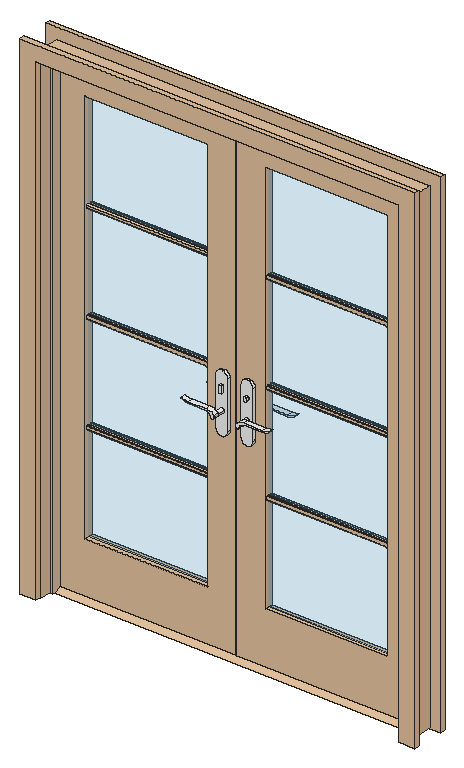
Revit family "M_Porta-Externa-Vidro completo-Duplo-Revestida-Madeira", category Portas, Revit 2019
Family settings
  Hospedeiro = Parede
  Número OmniClass = 23.30.10.00
  Título OmniClass = Doors
  Sempre na vertical = Sim
  Corte com vazios quando carregada = Não
  Compartilhado = Não
  Ponto de cálculo do ambiente = Não
Parameters (values of type "1500 x 2000mm")
  Visual Light Transmittance = 0
  Material da apara = Cerejeira
  Apara externa [instance] = Deslocamento da porta = 0 mm  # yes
  Corrimão superior = 120 mm
  Deslocamento do limite [instance] = if(Limite, 15 mm, 0 mm)  # 15 mm
  Material do limite = Cerejeira
  Limite [instance] = yes
  Espessura = 35 mm
  Resistência térmica (R) = 0.337392 (m²·K)/W
  Ângulo de abertura [instance] = 90.00°
  Estilos = 120 mm
  Solar Heat Gain Coefficient = 0
  Mostrar grelha [instance] = yes
  Largura bruta = Largura + 50 mm  # 1550 mm
  Altura bruta = Altura + 25 mm  # 2025 mm
  Largura do painel = Largura / 2  # 750 mm
  Material do painel = Cerejeira
  Deslocamento da porta [instance] = 0 mm
  Altura = 2000 mm
  Fechamento da parede = Por hospedeiro
  Largura = 1500 mm
  Coeficiente de transferência de calor (U) = 2.96405 W/(m²·K)
  Vidraça = Vidro
  Função = Exterior
  Material da moldura = Cerejeira
  Material da maçaneta = Alumín. 1
  Construction Type = ""
  Corrimão inferior = 230 mm
  Código de montagem = "B2030100"
  Construção analítica = "Porta francesa, moldura de madeira com vidro duplo"
Reference planes
  plane 1 "Centro (Frente/Trás)": y = 0
  plane 2 "Centro (Esquerda/Direita)": x = 0
  plane 3 "Esquerda": x = -775
  plane 4 "Direita": x = 775
  plane 5 "Superior": z = 2025
  plane 6 "Deslocamento da porta": y = 53.975
  plane 7 "Interior": y = -60.325
  plane 8 "Painel esquerdo da porta": x = -750
  plane 9 "Painel direito da porta": x = 750
  plane 10 "Topo do painel": z = 2000
  plane 11: z = 0
  plane 12: z = 0
  plane 13: x = 768.65
  plane 14: y = 95.25
  plane 15: y = 60.325
  plane 16: x = 737.3
  plane 17: y = 18.975
  plane 18: z = 230
  plane 19: z = 1880
  plane 20 "1": x = 630
  plane 21 "4": x = -630
  plane 22: y = 32.975
  plane 23: y = 39.975
  plane 24: z = 914.4
  plane 25: y = 25.975
  plane 26: y = 46.975
  plane 27 "2": x = 120
  plane 28 "3": x = -120
  plane 29: z = 1000
  plane 30: x = 52.387
  plane 31: x = -52.402
  plane 32: z = 15
  plane 33: y = 36.475
  plane 34 "Exterior": y = 53.975
Forms (mm)
  Sweep 1, solid, material "Cerejeira" <- "Material da moldura"
    path origin (0, 0, 0) x (1, 0, 0) y (0, 0, 1)
      loop
        line (775, 0) -> (775, 2025) -> (-775, 2025) -> (-775, 0)
    profile origin (775, 0, 1012.5) x (-1, 0, 0) y (0, -1, 0)
      loop
        line (25, -53.975) -> (25, -18.975) -> (37.7, -18.975) -> (37.7, 15.95) -> (25, 15.95) -> (25, 60.325) -> (0, 60.325) -> (0, -53.975) -> (25, -53.975)
  Extrusion 2, solid, material "Cerejeira" <- "Material do painel"
    sketch origin (-889, -22.57, 1219.2) x (-1, 0, 0) y (0, 0, 1)
      loop
        line (-1639, 780.8) -> (-1639, -1204.2) -> (-139, -1204.2) -> (-139, 780.8) -> (-1639, 780.8)
      loop
        line (-1519, 660.8) -> (-1519, -989.2) -> (-1009, -989.2) -> (-1009, 660.8) -> (-1519, 660.8)
      loop
        line (-259, 660.8) -> (-769, 660.8) -> (-769, -989.2) -> (-259, -989.2) -> (-259, 660.8)
    from 76.545 to 41.545
  Extrusion 3, solid, material "Vidro" <- "Vidraça"
    sketch origin (0, 0, 0) x (1, 0, 0) y (0, 0, 1)
      loop
        line (630, 1880) -> (120, 1880) -> (120, 230) -> (630, 230) -> (630, 1880)
      loop
        line (-630, 1880) -> (-630, 230) -> (-120, 230) -> (-120, 1880) -> (-630, 1880)
    from -39.975 to -32.975
  Sweep 4, solid, material "Cerejeira" <- "Material da apara", visible <- "Apara externa", detail levels fine
    path origin (0, 53.975, 0) x (-1, 0, 0) y (0, 0, 1)
      loop
        line (-750, 0) -> (-750, 2000) -> (750, 2000) -> (750, 0)
    profile "Perfil de caixa-plano : 20 x 65mm" origin (750, 53.975, 1000) x (1, 0, 0) y (0, 1, 0)
      loop
        line (6.35, 20) -> (6.35, 0) -> (71.35, 0) -> (71.35, 20) -> (6.35, 20)
  Sweep 5, solid, material "Cerejeira" <- "Material da apara", detail levels fine
    path origin (0, -60.325, 0) x (1, 0, 0) y (0, 0, 1)
      loop
        line (750, 0) -> (750, 2000) -> (-750, 2000) -> (-750, 0)
    profile "Perfil de caixa-plano : 20 x 65mm" origin (750, -60.325, 1000) x (-1, 0, 0) y (0, -1, 0)
      loop
        line (-6.35, 20) -> (-71.35, 20) -> (-71.35, 0) -> (-6.35, 0) -> (-6.35, 20)
  Extrusion 6, void
    sketch origin (0, 0, 0) x (1, 0, 0) y (0, 1, 0)
      loop
        line (-1.602, 53.975) -> (-1.602, 18.975) -> (1.587, 18.975) -> (1.587, 53.975) -> (-1.602, 53.975)
    from 0 to 2000
Cuts and joins
  Extrusion 6 cuts Sweep 1
  Extrusion 6 cuts Extrusion 2
  Extrusion 6 cuts Extrusion 3
  Extrusion 6 cuts Sweep 4
Lines and regions (mm)
  Opening 1
    outline origin (-2286, -60.325, 0) x (1, 0, 0) y (0, 0, 1)
      loop
        line (1511, 0) -> (3061, 0) -> (3061, 2025) -> (1511, 2025) -> (1511, 0)
  Masking region 1, detail levels coarse+medium
    outline origin (0, 0, 0) x (1, 0, 0) y (0, 1, 0)
      loop
        line (-775, 53.975) -> (-775, -60.325) -> (-750, -60.325) -> (-750, 53.975) -> (-775, 53.975)
      loop
        line (775, 53.975) -> (750, 53.975) -> (750, -60.325) -> (775, -60.325) -> (775, 53.975)
  Masking region 2, detail levels fine
    outline origin (-25.4, 0, 0) x (1, 0, 0) y (0, 1, 0)
      loop
        line (-749.6, 53.975) -> (-749.6, -60.325) -> (-724.6, -60.325) -> (-724.6, -15.95) -> (-711.9, -15.95) -> (-711.9, 18.975) -> (-724.6, 18.975) -> (-724.6, 53.975) -> (-749.6, 53.975)
      loop
        line (800.4, 53.975) -> (775.4, 53.975) -> (775.4, 18.975) -> (762.7, 18.975) -> (762.7, -15.95) -> (775.4, -15.95) -> (775.4, -60.325) -> (800.4, -60.325) -> (800.4, 53.975)
  Masking region 3, detail levels fine
    outline origin (0, 0, 0) x (1, 0, 0) y (0, 1, 0)
      loop
        line (-821.35, -60.325) -> (-821.35, -80.325) -> (-756.35, -80.325) -> (-756.35, -60.325) -> (-821.35, -60.325)
      loop
        line (756.35, -60.325) -> (756.35, -80.325) -> (821.35, -80.325) -> (821.35, -60.325) -> (756.35, -60.325)
  Masking region 4
    outline origin (0, 0, 0) x (0, 1, 0) y (0, 0, 1)
      loop
        line (53.975, 2025) -> (-60.325, 2025) -> (-60.325, 2018.65) -> (53.975, 2018.65) -> (53.975, 2025)
  Masking region 5, visible <- "Apara externa", detail levels fine
    outline origin (0, 76.2, 0) x (0, -1, 0) y (1, 0, 0)
      loop
        line (22.225, -821.35) -> (22.225, -756.35) -> (2.225, -756.35) -> (2.225, -821.35) -> (22.225, -821.35)
      loop
        line (22.225, 756.35) -> (22.225, 821.35) -> (2.225, 821.35) -> (2.225, 756.35) -> (22.225, 756.35)
  symbolic lines, style "Giro da elevação"
    curve 1: line (0, 53.975, 2000) -> (750, 53.975, 1000)
    curve 2: line (750, 53.975, 1000) -> (0, 53.975, 0)
    curve 3: line (0, 53.975, 2000) -> (-750, 53.975, 1000)
    curve 4: line (-750, 53.975, 1000) -> (0, 53.975, 0)
  model lines, style "DoorsGlassProjection"
    curve 5: line (630, 36.475, 1880) -> (630, 36.475, 230)
    curve 6: line (120, 36.475, 1880) -> (120, 36.475, 230)
    curve 7: line (-120, 36.475, 1880) -> (-120, 36.475, 230)
    curve 8: line (-630, 36.475, 1880) -> (-630, 36.475, 230)
Text (mm)
  text "Exterior" at (-1904.17, 693.701, 0), in view "Nível de referência"
  text "Interior" at (-1904.17, -638.649, 0), in view "Nível de referência"
  text "Exterior" at (0, 1019.848, 3124.603), in view "Direita"
  text "Interior" at (0, -1635.541, 3124.603), in view "Direita"
  text "Interior" at (0, -787.806, 3124.376), in view "Esquerda"
  text "Exterior" at (0, 1386.095, 3124.376), in view "Esquerda"
Dimensions and locks
  equal spacing: plane 3 "Esquerda", plane 2 "Centro (Esquerda/Direita)", plane 4 "Direita"
  "Altura bruta": level to plane 5 "Superior"
  equal spacing: plane 8 "Painel esquerdo da porta", plane 2 "Centro (Esquerda/Direita)", plane 9 "Painel direito da porta"
  "Largura": plane 8 "Painel esquerdo da porta" to plane 9 "Painel direito da porta"
  "Altura": level to plane 10 "Topo do painel"
  plane 11 to plane 12 = 0 mm
  locked: plane 13 to plane 4 "Direita" at 6.35
  locked: plane 16 to plane 9 "Painel direito da porta" at 12.7
  "Espessura": plane 6 "Deslocamento da porta" to plane 17
  "Largura bruta": plane 3 "Esquerda" to plane 4 "Direita"
  "Corrimão superior": plane 19 to plane 10 "Topo do painel"
  "Estilos": plane 20 "1" to plane 9 "Painel direito da porta"
  "Estilos": plane 8 "Painel esquerdo da porta" to plane 21 "4"
  locked: plane 12 to plane 24 at 914.4
  equal spacing: plane 17, plane 25, plane 22, plane 23, plane 26, plane 6 "Deslocamento da porta"
  "Estilos": plane 2 "Centro (Esquerda/Direita)" to plane 27 "2"
  "Estilos": plane 2 "Centro (Esquerda/Direita)" to plane 28 "3"
  locked: Extrusion 6 sketch curve to plane 2 "Centro (Esquerda/Direita)" at 1.602
  locked: plane 2 "Centro (Esquerda/Direita)" to Extrusion 6 sketch curve at 1.588
  cut or joined group of Extrusion 2, Extrusion 6 to nested 3 = 1650 mm
  "Corrimão inferior": plane 12 to plane 18
  equal spacing: plane 11, plane 29, plane 10 "Topo do painel"
  locked: plane 30 to cut or joined group of Extrusion 2, Extrusion 6 at 50.8
  locked: plane 31 to cut or joined group of Extrusion 2, Extrusion 6 at 50.8
  "Deslocamento do limite": plane 12 to plane 32
  equal spacing: plane 23, plane 33, plane 22
  "Espessura": Sweep 1 sketch curve to plane 6 "Deslocamento da porta"
  locked: Sweep 1 sketch curve to Sweep 1 sketch curve at 34.925
  "Deslocamento da porta": plane 34 "Exterior" to plane 6 "Deslocamento da porta"
  aligned and locked: plane 3 "Esquerda" to Opening 1 sketch curve
  aligned and locked: plane 5 "Superior" to Opening 1 sketch curve  (x2)
  aligned and locked: Opening 1 sketch curve to plane 4 "Direita"
  aligned and locked: Opening 1 sketch curve to level
  aligned and locked: plane 7 "Interior" to host wall
  aligned and locked: plane 5 "Superior" to Sweep 1 sketch curve
  aligned and locked: plane 4 "Direita" to Sweep 1 sketch curve
  aligned and locked: Sweep 1 sketch curve to plane 3 "Esquerda"
  aligned and locked: plane 11 to level
  aligned and locked: plane 11 to Sweep 1 sketch curve  (x2)
  aligned and locked: Sweep 1 sketch curve to plane 9 "Painel direito da porta"
  aligned and locked: Sweep 1 sketch curve to plane 7 "Interior"
  aligned and locked: Sweep 1 sketch curve to plane 16
  aligned and locked: Extrusion 2 sketch curve to plane 10 "Topo do painel"
  aligned and locked: Extrusion 2 sketch curve to plane 8 "Painel esquerdo da porta"
  aligned and locked: plane 9 "Painel direito da porta" to Extrusion 2 sketch curve
  aligned and locked: Extrusion 2 to plane 17
  aligned and locked: Extrusion 2 to plane 6 "Deslocamento da porta"
  aligned and locked: Extrusion 2 sketch curve to plane 19
  aligned and locked: Extrusion 2 sketch curve to plane 21 "4"
  aligned and locked: plane 20 "1" to Extrusion 2 sketch curve
  aligned and locked: Extrusion 2 sketch curve to plane 18
  aligned and locked: Extrusion 3 sketch curve to plane 19
  aligned and locked: plane 20 "1" to Extrusion 3 sketch curve
  aligned and locked: Extrusion 3 sketch curve to plane 21 "4"
  aligned and locked: Extrusion 3 sketch curve to plane 18
  aligned and locked: Extrusion 3 to plane 23
  aligned and locked: Extrusion 3 to plane 22
  aligned and locked: nested 1 to plane 9 "Painel direito da porta"
  aligned and locked: plane 9 "Painel direito da porta" to Sweep 4 sketch curve
  aligned and locked: Sweep 4 sketch curve to plane 8 "Painel esquerdo da porta"
  aligned and locked: Sweep 4 sketch curve to plane 10 "Topo do painel"
  aligned and locked: Sweep 5 sketch curve to plane 9 "Painel direito da porta"
  aligned and locked: Sweep 5 sketch curve to plane 10 "Topo do painel"
  aligned and locked: plane 8 "Painel esquerdo da porta" to Sweep 5 sketch curve
  aligned and locked: Masking region 1 sketch curve to plane 3 "Esquerda"
  aligned and locked: plane 8 "Painel esquerdo da porta" to Masking region 1 sketch curve
  aligned and locked: Masking region 1 sketch curve to plane 7 "Interior"
  aligned and locked: plane 6 "Deslocamento da porta" to Masking region 1 sketch curve
  aligned and locked: plane 9 "Painel direito da porta" to Masking region 1 sketch curve
  aligned and locked: Masking region 1 sketch curve to plane 4 "Direita"
  aligned and locked: plane 7 "Interior" to Masking region 1 sketch curve
  aligned and locked: Masking region 1 sketch curve to plane 6 "Deslocamento da porta"
  aligned and locked: plane 11 to Sweep 4 sketch curve  (x2)
  aligned and locked: plane 11 to Sweep 5 sketch curve  (x2)
  aligned and locked: Masking region 2 sketch curve to plane 3 "Esquerda"
  aligned and locked: Masking region 2 sketch curve to plane 7 "Interior"
  aligned and locked: plane 6 "Deslocamento da porta" to Masking region 2 sketch curve
  aligned and locked: Masking region 2 sketch curve to Sweep 1
  aligned and locked: plane 7 "Interior" to Masking region 3 sketch curve  (x2)
  aligned and locked: Masking region 3 sketch curve to Sweep 5  (x6)
  aligned and locked: Masking region 2 sketch curve to plane 4 "Direita"
  aligned and locked: plane 9 "Painel direito da porta" to Masking region 2 sketch curve  (x3)
  aligned and locked: Sweep 1 to Masking region 2 sketch curve
  aligned and locked: nested 3 to plane 23
  aligned and locked: nested 2 to plane 22
  aligned and locked: nested 4 to plane 8 "Painel esquerdo da porta"
  aligned and locked: Extrusion 3 sketch curve to plane 28 "3"
  aligned and locked: Extrusion 3 sketch curve to plane 27 "2"
  aligned and locked: plane 6 "Deslocamento da porta" to Extrusion 6 sketch curve
  aligned and locked: plane 17 to Extrusion 6 sketch curve
  aligned and locked: plane 10 "Topo do painel" to cut or joined group of Extrusion 2, Extrusion 6
  aligned and locked: plane 12 to cut or joined group of Extrusion 2, Extrusion 6
  aligned and locked: nested 2 to plane 18
  aligned and locked: nested 6 to plane 18
  aligned and locked: plane 8 "Painel esquerdo da porta" to Masking region 2 sketch curve  (x2)
  aligned and locked: nested 6 to plane 22
  aligned and locked: plane 10 "Topo do painel" to curve 3
  aligned and locked: plane 2 "Centro (Esquerda/Direita)" to curve 3
  aligned and locked: plane 11 to curve 4
  aligned and locked: plane 2 "Centro (Esquerda/Direita)" to curve 4
  aligned and locked: plane 29 to curve 3
  aligned and locked: plane 8 "Painel esquerdo da porta" to curve 4
  aligned and locked: plane 29 to curve 1
  aligned and locked: plane 9 "Painel direito da porta" to curve 2
  aligned and locked: host wall to Sweep 1 sketch curve
  aligned and locked: plane 20 "1" to nested 3
  aligned and locked: plane 21 "4" to nested 5
  aligned and locked: nested 2 to plane 21 "4"
  aligned and locked: nested 6 to plane 20 "1"
  aligned and locked: nested 7 to cut or joined group of Extrusion 2, Extrusion 6
  aligned and locked: nested 8 to cut or joined group of Extrusion 2, Extrusion 6
  aligned and locked: plane 24 to nested 8
  aligned and locked: nested 7 to plane 30
  aligned and locked: plane 31 to nested 8
  aligned and locked: Masking region 4 sketch curve to host wall
  aligned and locked: host wall to Masking region 4 sketch curve
  aligned and locked: plane 7 "Interior" to Masking region 4 sketch curve
  aligned and locked: cut or joined group of Extrusion 2, Extrusion 6 to nested 9
  aligned and locked: plane 32 to cut or joined group of Extrusion 2, Extrusion 6
  aligned and locked: nested 9 to plane 32
  aligned and locked: curve 5 to plane 33
  aligned and locked: plane 19 to curve 5
  aligned and locked: plane 18 to curve 5
  aligned and locked: curve 6 to plane 33
  aligned and locked: plane 19 to curve 6
  aligned and locked: plane 18 to curve 6
  aligned and locked: curve 7 to plane 33
  aligned and locked: plane 19 to curve 7
  aligned and locked: plane 18 to curve 7
  aligned and locked: curve 8 to plane 33
  aligned and locked: plane 19 to curve 8
  aligned and locked: plane 18 to curve 8
  aligned and locked: nested 5 to cut or joined group of Extrusion 3, Extrusion 6
  aligned and locked: host wall to plane 34 "Exterior"
  aligned and locked: plane 6 "Deslocamento da porta" to Sweep 1 sketch curve
  aligned and locked: Masking region 2 sketch curve to plane 6 "Deslocamento da porta"
  aligned and locked: Masking region 2 sketch curve to cut or joined group of Extrusion 2, Extrusion 6  (x2)
  aligned and locked: Masking region 2 sketch curve to cut or joined group of Sweep 1, Extrusion 6
  aligned and locked: cut or joined group of Sweep 1, Extrusion 6 to Masking region 2 sketch curve
  aligned and locked: Masking region 5 sketch curve to plane 34 "Exterior"  (x2)
  aligned and locked: Masking region 5 sketch curve to cut or joined group of Sweep 4, Extrusion 6  (x2)
  aligned and locked: cut or joined group of Sweep 4, Extrusion 6 to Masking region 5 sketch curve  (x2)
  aligned and locked: nested 1 to plane 34 "Exterior"
  aligned and locked: plane 34 "Exterior" to nested 4
  aligned and locked: nested 4 to plane 34 "Exterior"
  aligned and locked: plane 34 "Exterior" to nested 1
Automatic sketch dimensions
  Extrusion 3 sketch curve to plane 18 = 0 mm
  Extrusion 3 sketch curve to plane 19 = 0 mm
  plane 5 "Superior" to Masking region 4 sketch curve = 6.35 mm
  Masking region 5 sketch curve to plane 9 "Painel direito da porta" = 6.35 mm
  plane 8 "Painel esquerdo da porta" to Masking region 5 sketch curve = 6.35 mm
  plane 16 to Sweep 1 sketch curve = 12.7 mm
  plane 27 "2" to Extrusion 2 sketch curve = 0 mm
  Extrusion 2 sketch curve to plane 19 = 0 mm
  plane 28 "3" to Extrusion 2 sketch curve = 0 mm
  Extrusion 2 sketch curve to plane 32 = 0 mm
  Extrusion 2 sketch curve to plane 18 = 0 mm
  host wall to Masking region 2 sketch curve = 0 mm
Nested families
  nested 1: "Porta com abertura única" at (750, 53.975, 0), Ângulo de abertura <- "Ângulo de abertura", type "Único"
    with Abertura visível yes, Ângulo de abertura 90.00°, Ângulo real 90.00°, Largura 750 mm, Espessura 35 mm
  nested 2: "Grelha da porta" at (-371.676, 32.975, 0), visible <- "Mostrar grelha", type "Grelha da porta"
    with Largura 750 mm, Largura da vidraça 510 mm
  nested 3: "Grelha da porta" at (378.324, 39.975, 0), visible <- "Mostrar grelha", type "Grelha da porta"
    with Largura 750 mm, Largura da vidraça 510 mm
  nested 4: "Porta com abertura única" at (-750, 53.975, 0) x (-1, 0, 0) z (0, 0, 1), Ângulo de abertura <- "Ângulo de abertura", type "Único"
    with Abertura visível yes, Ângulo de abertura 90.00°, Ângulo real 90.00°, Largura 750 mm, Espessura 35 mm
  nested 5: "Grelha da porta" at (-371.676, 39.975, 0), visible <- "Mostrar grelha", type "Grelha da porta"
    with Largura 750 mm, Largura da vidraça 510 mm
  nested 6: "Grelha da porta" at (378.324, 32.975, 0), visible <- "Mostrar grelha", type "Grelha da porta"
    with Largura 750 mm, Largura da vidraça 510 mm
  nested 7: "M_Maçaneta da porta de entrada" at (52.387, 36.475, 914.4), type "Padrão", detail levels fine
    with Espessura 35 mm
  nested 8: "M_Maçaneta da porta de entrada" at (-52.402, 36.475, 914.4) x (-1, 0, 0) z (0, 0, 1), type "Padrão", detail levels fine
    with Espessura 35 mm
  nested 9: "Limite" at (0, 36.475, 0) x (0, 1, 0) z (0, 0, 1), visible <- "Limite", type "Limite"
Definition of nested family "Grelha da porta"
  Parameters (values of type "Grelha da porta")
    Width = 800 mm
    Deslocamento vertical = Corrimão inferior + [Sub-corte]  # 230 mm
    Sub-corte = 0 mm
    Corrimão superior = 120 mm
    Estilos = 120 mm
    Material do montante secundário = none
    Manufacturer = ""
    Height = 2000 mm
    Largura da vidraça = Width - (2 * Estilos)  # 560 mm
    Altura da vidraça = Height - (Corrimão inferior + [Sub-corte] + Corrimão superior)  # 1650 mm
    Corrimão inferior = 230 mm
    Analytic Construction = "<Nenhum>"
    Leve largo 3 = Largura da vidraça > 450 mm  # yes
    Leve largo 2 = not(Leve largo 3)  # no
  Reference planes
    plane 1 "Centro (Frente/Trás)": y = 0
    plane 2: z = 0
    plane 3 "Centro (Esquerda/Direita)": x = -3.324
    plane 4: z = 230
    plane 5: z = 1880
    plane 6: x = 276.676
    plane 7: x = -283.324
    plane 8: z = 1055
    plane 9: z = 1467.5
    plane 10: z = 642.5
  Forms (mm)
    Sweep 1, solid, material <- "Material do montante secundário", detail levels medium+fine
      path in 3D
        loop
          line (-283.324, 0, 642.5) -> (276.676, 0, 642.5)
      profile "Perfil_Montante secundário : Perfil_Montante secundário" origin (-3.324, 0, 642.5) x (0, 0, 1) y (0, -1, 0)
        loop
          line (-9.525, 0) -> (9.525, 0) -> (9.525, 6.35) -> (6.35, 9.525) -> (-6.35, 9.525) -> (-9.525, 6.35) -> (-9.525, 0)
    Sweep 2, solid, material <- "Material do montante secundário", detail levels medium+fine
      path origin (0, 0, 0) x (1, 0, 0) y (0, 0, 1)
        loop
          line (-283.324, 1055) -> (276.676, 1055)
      profile "Perfil_Montante secundário : Perfil_Montante secundário" origin (-3.324, 0, 1055) x (0, 0, 1) y (0, -1, 0)
        loop
          line (-9.525, 0) -> (9.525, 0) -> (9.525, 6.35) -> (6.35, 9.525) -> (-6.35, 9.525) -> (-9.525, 6.35) -> (-9.525, 0)
    Sweep 3, solid, material <- "Material do montante secundário", detail levels medium+fine
      path origin (0, 0, 0) x (1, 0, 0) y (0, 0, 1)
        loop
          line (-283.324, 1467.5) -> (276.676, 1467.5)
      profile "Perfil_Montante secundário : Perfil_Montante secundário" origin (-3.324, 0, 1467.5) x (0, 0, 1) y (0, -1, 0)
        loop
          line (-9.525, 0) -> (9.525, 0) -> (9.525, 6.35) -> (6.35, 9.525) -> (-6.35, 9.525) -> (-9.525, 6.35) -> (-9.525, 0)
  Lines and regions (mm)
    model lines, detail levels coarse
      curve 1: line (-283.324, 0, 642.5) -> (276.676, 0, 642.5)
      curve 2: line (-283.324, 0, 1055) -> (276.676, 0, 1055)
      curve 3: line (-283.324, 0, 1467.5) -> (276.676, 0, 1467.5)
    sketch lines
      curve 4: line (-283.324, 0, 642.5) -> (276.676, 0, 642.5)
    model lines, visible <- "Leve largo 2", detail levels coarse
      curve 5: line (-3.324, 0, 1880) -> (-3.324, 0, 230)
    symbolic lines
      curve 6: line (-283.324, 0, 230) -> (276.676, 0, 230)
  Dimensions and locks
    equal spacing: plane 6, plane 3 "Centro (Esquerda/Direita)", plane 7
    "Largura da vidraça": plane 6 to plane 7
    "Altura da vidraça": plane 5 to plane 4
    "Deslocamento vertical": plane 4 to plane 2
    equal spacing: plane 5, plane 9, plane 8, plane 10, plane 4
    aligned and locked: curve 3 to plane 9
    aligned and locked: curve 2 to plane 8
    aligned and locked: curve 1 to plane 10
    aligned and locked: plane 6 to curve 1
    aligned and locked: plane 6 to curve 2
    aligned and locked: plane 6 to curve 3
    aligned and locked: plane 7 to curve 3
    aligned and locked: plane 7 to curve 2
    aligned and locked: plane 7 to curve 1
    aligned and locked: curve 5 to plane 3 "Centro (Esquerda/Direita)"
    aligned and locked: plane 4 to curve 5
    aligned and locked: plane 5 to curve 5
    aligned and locked: Sweep 2 sketch curve to plane 8
    aligned and locked: plane 7 to Sweep 2 sketch curve
    aligned and locked: plane 6 to Sweep 2 sketch curve
    aligned and locked: plane 7 to Sweep 3 sketch curve
    aligned and locked: plane 6 to Sweep 3 sketch curve
    aligned and locked: Sweep 3 sketch curve to plane 9
    aligned and locked: plane 1 "Centro (Frente/Trás)" to curve 6
    aligned and locked: plane 7 to curve 6
    aligned and locked: plane 6 to curve 6
Definition of nested family "M_Maçaneta da porta de entrada"
  Parameters (values of type "Padrão")
    Thickness = 45 mm
    Material do puxador = none
    Function = (empty or 0)
    Construction Type = ""
    Analytic Construction = "<Nenhum>"
  Reference planes
    plane 1 "Centro (Frente/Trás)": y = 0
    plane 2: z = 0
    plane 3 "Centro (Esquerda/Direita)": x = 0
    plane 4: y = 22.5
    plane 5: y = -22.5
    plane 6: z = -147.114
    plane 7: y = 62.5
    plane 8: z = 82.5
    plane 9: y = -62.5
    plane 10: z = -60
  Forms (mm)
    Extrusion 1, solid, material <- "Material do puxador"
      sketch origin (0, -22.5, 0) x (-1, 0, 0) y (0, 0, -1)
        loop
          line (25, -125) -> (25, 70)
          arc (25, 70) -> (0, 95) -> (-25, 70) r 25
          line (-25, 70) -> (-25, -125)
          arc (-25, -125) -> (0, -150) -> (25, -125) r 25
      from 0 to 10
    Extrusion 2, solid, material <- "Material do puxador"
      sketch origin (0, 22.5, 0) x (-1, 0, 0) y (0, 0, -1)
        loop
          line (25, -125) -> (25, 70)
          arc (25, 70) -> (0, 95) -> (-25, 70) r 25
          line (-25, 70) -> (-25, -125)
          arc (-25, -125) -> (0, -150) -> (25, -125) r 25
      from 0 to -10
    Extrusion 3, solid, material <- "Material do puxador"
      sketch origin (0, -22.5, 0) x (-1, 0, 0) y (0, 0, -1)
        loop
          circle (0, 0) r 8
      from 10 to 40
    Extrusion 4, solid, material <- "Material do puxador"
      sketch origin (0, 20, 0) x (-1, 0, 0) y (0, 0, 1)
        loop
          circle (0, 0) r 8
      from 12.5 to 42.5
    Extrusion 5, solid, material <- "Material do puxador"
      sketch origin (0, -62.5, 0) x (1, 0, 0) y (0, 0, 1)
        loop
          arc (-6.508, 4.652) -> (-2.443, -7.618) -> (8, 0) r 8
          arc (8, 0) -> (14.532, 9.391) -> (25.386, 13) r 18.126
          line (25.386, 13) -> (101.644, 13)
          arc (101.644, 13) -> (116.41, 15.798) -> (130, 22.214) r 59.379
          line (130, 22.214) -> (130, 25)
          arc (130, 25) -> (116.04, 21.265) -> (101.644, 20) r 83.285
          line (101.644, 20) -> (25.367, 20)
          arc (25.367, 20) -> (7.493, 16.348) -> (-6.508, 4.652) r 37.283
      from 0 to 20
    Extrusion 6, solid, material <- "Material do puxador"
      sketch origin (0, 62.5, 0) x (1, 0, 0) y (0, 0, -1)
        loop
          arc (8, 0) -> (-2.443, 7.618) -> (-6.508, -4.652) r 8
          arc (-6.508, -4.652) -> (7.493, -16.348) -> (25.367, -20) r 37.283
          line (25.367, -20) -> (101.644, -20)
          arc (101.644, -20) -> (116.04, -21.265) -> (130, -25) r 83.285
          line (130, -25) -> (130, -22.214)
          arc (130, -22.214) -> (116.41, -15.798) -> (101.644, -13) r 59.379
          line (101.644, -13) -> (25.386, -13)
          arc (25.386, -13) -> (14.532, -9.391) -> (8, 0) r 18.126
      from 0 to 20
    Extrusion 7, solid, material <- "Material do puxador"
      sketch origin (0, -32.5, 10) x (-1, 0, 0) y (0, 0, -1)
        loop
          circle (0, -72.5) r 8
      from 0 to 10
    Extrusion 8, solid, material <- "Material do puxador"
      sketch origin (0, 32.5, 142.5) x (-1, 0, 0) y (0, 0, 1)
        loop
          line (-5, -45) -> (-5, -75) -> (5, -75) -> (5, -45) -> (-5, -45)
      from 0 to 10
  Dimensions and locks
    equal spacing: plane 5, plane 1 "Centro (Frente/Trás)", plane 4
    "Thickness": plane 5 to plane 4
    locked: plane 4 to plane 7 at 40
    locked: plane 9 to plane 5 at 40
    locked: Extrusion 6 to plane 7 at 20
    locked: plane 9 to Extrusion 5 at 20
    locked: plane 2 to plane 10 at 60
    aligned and locked: Extrusion 3 to Extrusion 1
    aligned and locked: Extrusion 4 to Extrusion 2
    aligned and locked: plane 7 to Extrusion 6
    aligned and locked: Extrusion 4 to plane 7
    aligned and locked: plane 9 to Extrusion 5
    aligned and locked: Extrusion 1 sketch curve to Extrusion 2
  Automatic sketch dimensions
    Extrusion 3 sketch curve to level = 0 mm
    Extrusion 3 sketch curve to plane 3 "Centro (Esquerda/Direita)" = 0 mm
    Extrusion 4 sketch curve to level = 0 mm
    Extrusion 4 sketch curve to plane 3 "Centro (Esquerda/Direita)" = 0 mm
    Extrusion 5 sketch curve to level = 0 mm  (x2)
    Extrusion 5 sketch curve to plane 3 "Centro (Esquerda/Direita)" = 0 mm
    Extrusion 5 sketch curve to plane 3 "Centro (Esquerda/Direita)" = 6.508 mm
    plane 3 "Centro (Esquerda/Direita)" to Extrusion 5 sketch curve = 8 mm
    Extrusion 5 sketch curve to level = 17.244 mm
    Extrusion 5 sketch curve to Extrusion 5 sketch curve = 15.668 mm
    level to Extrusion 5 sketch curve = 20 mm
    Extrusion 5 sketch curve to Extrusion 5 sketch curve = 0.019 mm
    Extrusion 5 sketch curve to Extrusion 5 sketch curve = 28.356 mm
    Extrusion 5 sketch curve to Extrusion 5 sketch curve = 0 mm
    Extrusion 5 sketch curve to level = 5.126 mm
    level to Extrusion 5 sketch curve = 22.214 mm
    Extrusion 5 sketch curve to Extrusion 5 sketch curve = 2.786 mm
    Extrusion 5 sketch curve to Extrusion 5 sketch curve = 72.693 mm
    Extrusion 5 sketch curve to Extrusion 5 sketch curve = 3.517 mm
    Extrusion 5 sketch curve to Extrusion 5 sketch curve = 3.583 mm
    Extrusion 6 sketch curve to level = 0 mm
    Extrusion 6 sketch curve to plane 3 "Centro (Esquerda/Direita)" = 0 mm
    level to Extrusion 6 sketch curve = 4.652 mm
    Extrusion 6 sketch curve to plane 3 "Centro (Esquerda/Direita)" = 6.508 mm
    Extrusion 6 sketch curve to level = 17.244 mm
    Extrusion 6 sketch curve to Extrusion 6 sketch curve = 15.668 mm
    Extrusion 6 sketch curve to Extrusion 6 sketch curve = 0.019 mm
    Extrusion 6 sketch curve to level = 5.126 mm
    Extrusion 6 sketch curve to Extrusion 6 sketch curve = 1.719 mm
    Extrusion 6 sketch curve to Extrusion 6 sketch curve = 72.693 mm
    Extrusion 6 sketch curve to Extrusion 6 sketch curve = 3.517 mm
    Extrusion 6 sketch curve to Extrusion 6 sketch curve = 3.583 mm
    Extrusion 6 sketch curve to Extrusion 6 sketch curve = 0 mm
    level to Extrusion 6 sketch curve = 22.214 mm
    Extrusion 6 sketch curve to Extrusion 6 sketch curve = 28.356 mm
    Extrusion 6 sketch curve to Extrusion 6 sketch curve = 2.786 mm
    level to Extrusion 1 sketch curve = 70 mm
    Extrusion 2 sketch curve to level = 125 mm
    Extrusion 2 sketch curve to plane 3 "Centro (Esquerda/Direita)" = 0 mm
    Extrusion 2 sketch curve to plane 3 "Centro (Esquerda/Direita)" = 25 mm
    level to Extrusion 2 sketch curve = 70 mm
    Extrusion 7 sketch curve to Extrusion 1 = 25 mm
    Extrusion 8 sketch curve to Extrusion 2 = 20 mm
    Extrusion 8 sketch curve to Extrusion 8 sketch curve = 10 mm
    Extrusion 8 sketch curve to Extrusion 8 sketch curve = 30 mm
    radius of Extrusion 3 sketch curve = 8 mm
    radius of Extrusion 4 sketch curve = 8 mm
    radius of Extrusion 7 sketch curve = 8 mm
Definition of nested family "Limite"
  Parameters (values of type "Limite")
    Comprimento do limite = 1500 mm
    Altura do limite = 15 mm
    Largura do painel = 35 mm
    Material = none
    Analytic Construction = "<Nenhum>"
  Reference planes
    plane 1 "Centro (Frente/Trás)": y = 0
    plane 2: z = 0
    plane 3 "Centro (Esquerda/Direita)": x = 0
    plane 4: x = -42.9
    plane 5: x = 42.9
    plane 6: z = 15
    plane 7: x = -17.5
    plane 8: x = 17.5
    plane 9: y = 750
    plane 10: y = -750
  Forms (mm)
    Extrusion 1, solid, material <- "Material"
      sketch origin (0, 0, 0) x (1, 0, 0) y (0, 0, 1)
        loop
          line (-42.9, 0) -> (42.9, 0) -> (17.5, 15) -> (-17.5, 15) -> (-42.9, 0)
      from -750 to 750
  Dimensions and locks
    "Altura do limite": plane 6 to plane 2
    equal spacing: plane 8, plane 3 "Centro (Esquerda/Direita)", plane 7
    "Largura do painel": plane 8 to plane 7
    equal spacing: plane 9, plane 1 "Centro (Frente/Trás)", plane 10
    "Comprimento do limite": plane 9 to plane 10
    locked: plane 7 to plane 4 at 25.4
    locked: plane 8 to plane 5 at 25.4
    aligned and locked: plane 2 to level
    aligned and locked: Extrusion 1 sketch curve to plane 6
    aligned and locked: Extrusion 1 sketch curve to plane 2
    aligned and locked: plane 5 to Extrusion 1 sketch curve
    aligned and locked: plane 7 to Extrusion 1 sketch curve
    aligned and locked: plane 8 to Extrusion 1 sketch curve
    aligned and locked: plane 9 to Extrusion 1
    aligned and locked: plane 10 to Extrusion 1
  Automatic sketch dimensions
    Extrusion 1 sketch curve to plane 4 = 0 mm
Definition of nested family "Porta com abertura única"
  Parameters (values of type "Único")
    Width = 900 mm
    Thickness = 45 mm
    Abertura visível [instance] = Ângulo de abertura > 1.00°  # yes
    Ângulo de abertura [instance] = 45.00°
    Assembly Code = ""
    Analytic Construction = "<Nenhum>"
    Ângulo real [instance] = if(Ângulo de abertura < 1.00°, 1.00°, Ângulo de abertura)  # 45.00°
  Reference planes
    plane 1 "Centro (Frente/Trás)": y = 0
    plane 2: z = 0
    plane 3 "Centro (Esquerda/Direita)": x = 0
    plane 4: x = -900
  Lines and regions (mm)
    Masking region 1
      outline origin (0, 0, 0) x (-0.707107, 0.707107, 0) y (-0.707107, -0.707107, 0)
        loop
          line (0, 0) -> (900, 0) -> (900, 45) -> (0, 45) -> (0, 0)
    symbolic lines
      curve 1: line (0, 0, 0) -> (-900, 0, 0)
    symbolic lines, visible <- "Abertura visível"
      curve 2: arc (-900, 0, 0) -> (-831.492, 344.415, 0) -> (-636.396, 636.396, 0) r 900
    reference lines
      curve 3: line (0, 0, 0) -> (-636.396, 636.396, 0)
    model lines
      curve 4: line (0, 0, 0) -> (0, 0, 25.4)
  Dimensions and locks
    "Width": plane 4 to plane 3 "Centro (Esquerda/Direita)"
    locked: curve 2 to plane 3 "Centro (Esquerda/Direita)"
    locked: curve 2 to plane 1 "Centro (Frente/Trás)"
    "Width": curve 3 to curve 3
    "Thickness": Masking region 1 sketch curve to Masking region 1 sketch curve
    locked: curve 4 to plane 2 at 25.4
    "Width": radius of curve 2
    "Ângulo real": angle curve 2 to curve 2
    "Ângulo de abertura": angle curve 3 to plane 1 "Centro (Frente/Trás)"
    aligned and locked: curve 1 to plane 1 "Centro (Frente/Trás)"
    aligned and locked: plane 3 "Centro (Esquerda/Direita)" to curve 1
    aligned and locked: plane 3 "Centro (Esquerda/Direita)" to curve 3
    aligned and locked: plane 1 "Centro (Frente/Trás)" to curve 3
    aligned and locked: curve 3 to Masking region 1 sketch curve
    aligned and locked: Masking region 1 sketch curve to curve 3  (x2)
    aligned and locked: plane 3 "Centro (Esquerda/Direita)" to curve 4
    aligned and locked: plane 2 to curve 4
Types in the file's own list only (11): name | Transmissão de luz visual | Resistência térmica (R) | Coeficiente de ganho de calor solar | Largura bruta | Altura bruta | Largura do painel | Altura | Largura | Coeficiente de transferência de calor (U)
  1600 x 2000mm | 0 | 0.3374 (m²·K)/W | 0 | 1650 mm | 2025 mm | 800 mm | 2000 mm | 1600 mm | 2.9641 W/(m²·K)
  1700 x 2000mm | 0 | 0.3374 (m²·K)/W | 0 | 1750 mm | 2025 mm | 850 mm | 2000 mm | 1700 mm | 2.9641 W/(m²·K)
  1800 x 2000mm | 0 | 0.3374 (m²·K)/W | 0 | 1850 mm | 2025 mm | 900 mm | 2000 mm | 1800 mm | 2.9641 W/(m²·K)
  1500 x 2100mm | 0 | 0.3374 (m²·K)/W | 0 | 1550 mm | 2125 mm | 750 mm | 2100 mm | 1500 mm | 2.9641 W/(m²·K)
  1600 x 2100mm | 0 | 0.3374 (m²·K)/W | 0 | 1650 mm | 2125 mm | 800 mm | 2100 mm | 1600 mm | 2.9641 W/(m²·K)
  1700 x 2100mm | 0 | 0.3374 (m²·K)/W | 0 | 1750 mm | 2125 mm | 850 mm | 2100 mm | 1700 mm | 2.9641 W/(m²·K)
  1800 x 2100mm | 0 | 0.3374 (m²·K)/W | 0 | 1850 mm | 2125 mm | 900 mm | 2100 mm | 1800 mm | 2.9641 W/(m²·K)
  1500 x 2400mm | 0 | 0.3374 (m²·K)/W | 0 | 1550 mm | 2425 mm | 750 mm | 2400 mm | 1500 mm | 2.9641 W/(m²·K)
  1600 x 2400mm | 0 | 0.3374 (m²·K)/W | 0 | 1650 mm | 2425 mm | 800 mm | 2400 mm | 1600 mm | 2.9641 W/(m²·K)
  1700 x 2400mm | 0 | 0.3374 (m²·K)/W | 0 | 1750 mm | 2425 mm | 850 mm | 2400 mm | 1700 mm | 2.9641 W/(m²·K)
  1800 x 2400mm | 0 | 0.3374 (m²·K)/W | 0 | 1850 mm | 2425 mm | 900 mm | 2400 mm | 1800 mm | 2.9641 W/(m²·K)
